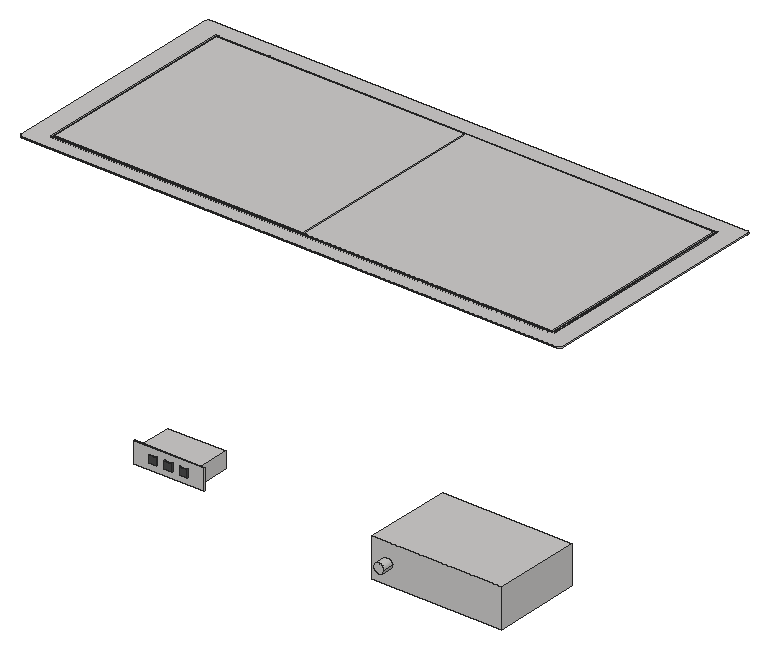
Revit family "QF_ELECTROLUXPROFESSIONAL_341017_D04H4", category Specialty Equipment, Revit 2018
Family settings
  Round Connector Dimension = Use Diameter
  Part Type = Normal
  Work Plane-Based = No
  Always vertical = Yes
  Cut with Voids When Loaded = No
  Shared = No
  Room Calculation Point = No
Parameters (values of type "341017.rfa")
  Weight = 0.00 kg
  Watts = 0 W
  Volts = 0 V
  URL Manufacturer = ""
  URL = ""
  Steam Supply Size = 0 mm
  Steam Supply Minimum Pressure = 0.0 Pa
  Steam Supply Maximum Pressure = 0.0 Pa
  Steam Pounds per Hour = 0
  Show Clearance [instance] = yes
  Remote Electrical Box_Z [instance] = 200.00 mm
  Remote Electrical Box_Y [instance] = 500.00 mm
  Remote Electrical Box_X [instance] = 1000.00 mm
  Refrigeration Suction Line Size = 0 mm
  Refrigeration Liquid Line Size = 0 mm
  Refrigerant Compressor Remote = yes
  Manufacturer = ""
  Phase = 0
  Model = ""
  Length Actual = 1420.00 mm  # constant formula
  Item Number = ""
  Hot Water Size = 0 mm
  Height Actual = 80.00 mm  # constant formula
  HP = "0 HP"
  Gas Size = 0 mm
  Gas KW = 0
  Gas Input Pressure = 0 W
  Direct Waste Size = 0 mm
  Description = ""
  Depth Actual = 620.00 mm  # constant formula
  Cycle = 0 Hz
  Controller_Y [instance] = 500.00 mm
  Controller_1Z [instance] = 200.00 mm
  Controller_1X [instance] = 300.00 mm
  Condensate Return Size = 0 mm
  Compressed Air Volume = 0.0 L/s
  Compressed Air Size = 0 mm
  Compressed Air Pressure = 0.0 Pa
  Cold Water Size = 0 mm
  Accessory = yes
Types (2, lengths in mm): name | Volts | URL Manufacturer | URL | Manufacturer | Phase | Model | Item Number | Description | Cycle
  341017.rfa | 0 V | "" | "" | "" | 0 | "" | "" | "" | 0 Hz
  Standard | 220 V | "http://professional.electrolux.com" | "http://professional.electrolux.com" | "Electrolux Professional" | 1 | "D04H4" | "341017" | "DROP-IN TEMPERED GLASS TOP, 4GN" | 60 Hz
Reference planes
  plane 1 "Centro (Fronte/Retro)": y = 74.737
  plane 2: z = 0
  plane 3 "BACK": y = 384.737
  plane 4 "FRONT": y = -235.263
  plane 5 "RIGHT": x = 195.731
  plane 6 "LEFT": x = -1224.269
  plane 7: x = -514.269
  plane 8 "TOP": z = 900
  plane 9: y = 345.957
  plane 10: y = -196.483
  plane 11: x = -1171.489
  plane 12: x = 142.951
  plane 13: z = 898
  plane 14: z = 822
  plane 15: z = 825
  plane 16: x = 136.731
  plane 17: x = -1165.269
  plane 18: y = 339.737
  plane 19: y = -190.263
  plane 20: x = -515.269
  plane 21: x = -513.269
  plane 22: x = -924.269
  plane 23: x = -224.269
  plane 24: y = -115.263
  plane 25: y = -115.263
  plane 26: z = 200
  plane 27: z = 200
Forms (mm)
  Extrusion 1, solid, material "QF_Finishes_Stainless Steel"
    sketch origin (0, 0, 900) x (-1, 0, 0) y (0, -1, 0)
      loop
        arc (1214.269, -384.737) -> (1221.34, -381.808) -> (1224.269, -374.737) r 10
        line (1224.269, -374.737) -> (1224.269, 225.263)
        arc (1224.269, 225.263) -> (1221.34, 232.334) -> (1214.269, 235.263) r 10
        line (1214.269, 235.263) -> (-185.731, 235.263)
        arc (-185.731, 235.263) -> (-192.802, 232.334) -> (-195.731, 225.263) r 10
        line (-195.731, 225.263) -> (-195.731, -374.737)
        arc (-195.731, -374.737) -> (-192.802, -381.808) -> (-185.731, -384.737) r 10
        line (-185.731, -384.737) -> (1214.269, -384.737)
      loop
        line (1171.489, -345.957) -> (1171.489, 196.483) -> (-142.951, 196.483) -> (-142.951, -345.957) -> (1171.489, -345.957)
    from 0 to -2
  Extrusion 2, solid, material "QF_Finishes_Stainless Steel"
    sketch origin (0, 0, 900) x (-1, 0, 0) y (0, -1, 0)
      loop
        line (1171.489, -345.957) -> (1171.489, 196.483) -> (-142.951, 196.483) -> (-142.951, -345.957) -> (1171.489, -345.957)
    from -2 to -78
  Sweep 3, void
    path origin (0, 0, 900) x (-1, 0, 0) y (0, -1, 0)
      loop
        line (1171.489, -345.957) -> (1171.489, 196.483) -> (-142.951, 196.483) -> (-142.951, -345.957) -> (1171.489, -345.957)
    profile origin (-514.269, 345.957, 900) x (0, 1, 0) y (0, 0, 1)
      loop
        line (0, -2) -> (-75, -78.22) -> (0, -78.22) -> (0, -2)
  Extrusion 4, solid, material "QF_Finishes_Stainless Steel"
    sketch origin (0, 0, 900) x (-1, 0, 0) y (0, -1, 0)
      loop
        line (1165.269, -339.737) -> (1165.269, 190.263) -> (515.269, 190.263) -> (515.269, -339.737) -> (1165.269, -339.737)
      loop
        line (513.269, -339.737) -> (513.269, 190.263) -> (-136.731, 190.263) -> (-136.731, -339.737) -> (513.269, -339.737)
    from -2 to 0
Cuts and joins
  Sweep 3 cuts Extrusion 2
Lines and regions (mm)
  symbolic lines
    curve 1: line (185.731, 384.737, 900) -> (-1214.269, 384.737, 900)
    curve 2: arc (-1214.269, 384.737, 900) -> (-1221.34, 381.808, 900) -> (-1224.269, 374.737, 900) r 10
    curve 3: line (-1224.269, 374.737, 900) -> (-1224.269, -225.263, 900)
    curve 4: arc (-1224.269, -225.263, 900) -> (-1221.34, -232.334, 900) -> (-1214.269, -235.263, 900) r 10
    curve 5: line (-1214.269, -235.263, 900) -> (185.731, -235.263, 900)
    curve 6: arc (185.731, -235.263, 900) -> (192.802, -232.334, 900) -> (195.731, -225.263, 900) r 10
    curve 7: line (195.731, -225.263, 900) -> (195.731, 374.737, 900)
    curve 8: arc (195.731, 374.737, 900) -> (192.802, 381.808, 900) -> (185.731, 384.737, 900) r 10
    curve 9: line (-1171.489, 345.957, 900) -> (142.951, 345.957, 900)
    curve 10: line (-1171.489, -196.483, 900) -> (-1171.489, 345.957, 900)
    curve 11: line (142.951, -196.483, 900) -> (-1171.489, -196.483, 900)
    curve 12: line (142.951, 345.957, 900) -> (142.951, -196.483, 900)
    curve 13: line (-1165.269, 339.737, 900) -> (-515.269, 339.737, 900)
    curve 14: line (-1165.269, -190.263, 900) -> (-1165.269, 339.737, 900)
    curve 15: line (-515.269, -190.263, 900) -> (-1165.269, -190.263, 900)
    curve 16: line (-515.269, 339.737, 900) -> (-515.269, -190.263, 900)
    curve 17: line (136.731, -190.263, 900) -> (136.731, 339.737, 900)
    curve 18: line (-513.269, -190.263, 900) -> (-513.269, 339.737, 900)
    curve 19: line (-513.269, 339.737, 900) -> (136.731, 339.737, 900)
    curve 20: line (136.731, -190.263, 900) -> (-513.269, -190.263, 900)
  symbolic lines, style "SpecialityEquipmentHiddenLines"
    curve 21: line (-1096.705, 271.174, 900) -> (68.168, 271.174, 900)
    curve 22: line (-1096.705, -121.699, 900) -> (-1096.705, 271.174, 900)
    curve 23: line (68.168, -121.699, 900) -> (-1096.705, -121.699, 900)
    curve 24: line (68.168, 271.174, 900) -> (68.168, -121.699, 900)
    curve 25: line (-1171.489, 345.957, 900) -> (-1096.705, 271.174, 900)
    curve 26: line (-1171.489, -196.483, 900) -> (-1096.705, -121.699, 900)
    curve 27: line (142.951, -196.483, 900) -> (68.168, -121.699, 900)
    curve 28: line (68.168, 271.174, 900) -> (142.951, 345.957, 900)
Dimensions and locks
  plane 6 "LEFT" to plane 5 "RIGHT" = 1420.00 mm
  equal spacing: plane 3 "BACK", plane 1 "Centro (Fronte/Retro)", plane 4 "FRONT"
  plane 3 "BACK" to plane 4 "FRONT" = 620.00 mm
  equal spacing: plane 6 "LEFT", plane 7, plane 5 "RIGHT"
  locked: plane 8 "TOP" to plane 2 at 900
  locked: plane 3 "BACK" to plane 9 at 38.78
  locked: plane 10 to plane 4 "FRONT" at 38.78
  plane 6 "LEFT" to plane 11 = 52.78 mm
  plane 12 to plane 5 "RIGHT" = 52.78 mm
  locked: plane 8 "TOP" to plane 13 at 2
  plane 8 "TOP" to plane 14 = 78.00 mm
  locked: plane 15 to plane 14 at 3
  locked: plane 11 to plane 17 at 6.22
  locked: plane 16 to plane 12 at 6.22
  locked: plane 9 to plane 18 at 6.22
  locked: plane 19 to plane 10 at 6.22
  plane 17 to plane 20 to plane 21 to plane 16 = 650.00 mm, 2.00 mm, 650.00 mm
  plane 17 to plane 16 = 1302.00 mm
  plane 6 "LEFT" to plane 17 = 59.00 mm
  plane 3 "BACK" to plane 18 = 45.00 mm
  plane 18 to plane 19 = 530.00 mm
  plane 16 to plane 5 "RIGHT" = 59.00 mm
  "Controller_Y": plane 3 "BACK" to plane 25
  "Remote Electrical Box_Y": plane 3 "BACK" to plane 24
  "Controller_1X": plane 6 "LEFT" to plane 22
  "Remote Electrical Box_X": plane 6 "LEFT" to plane 23
  "Controller_1Z": plane 26 to plane 2
  "Remote Electrical Box_Z": plane 27 to plane 2
  aligned and locked: level to plane 2
  aligned and locked: Extrusion 1 sketch curve to plane 3 "BACK"
  aligned and locked: plane 6 "LEFT" to Extrusion 1 sketch curve
  aligned and locked: plane 4 "FRONT" to Extrusion 1 sketch curve
  aligned and locked: Extrusion 1 sketch curve to plane 5 "RIGHT"
  aligned and locked: Extrusion 1 sketch curve to plane 9
  aligned and locked: plane 11 to Extrusion 1 sketch curve
  aligned and locked: Extrusion 1 sketch curve to plane 10
  aligned and locked: Extrusion 1 sketch curve to plane 12
  aligned and locked: Extrusion 1 to plane 13
  aligned and locked: Extrusion 2 to plane 14
  aligned and locked: Extrusion 2 to Extrusion 1
  aligned and locked: plane 11 to Extrusion 2 sketch curve
  aligned and locked: Extrusion 2 sketch curve to plane 9
  aligned and locked: Extrusion 2 sketch curve to plane 12
  aligned and locked: Extrusion 2 sketch curve to plane 10
  aligned and locked: Sweep 3 sketch curve to Extrusion 1  (x4)
  aligned and locked: Extrusion 4 sketch curve to plane 18
  aligned and locked: plane 17 to Extrusion 4 sketch curve
  aligned and locked: plane 19 to Extrusion 4 sketch curve
  aligned and locked: Extrusion 1 to Extrusion 4
  aligned and locked: plane 8 "TOP" to Extrusion 4
  aligned and locked: Extrusion 4 sketch curve to plane 20
  aligned and locked: plane 25 to nested 2
  aligned and locked: plane 24 to nested 3
  aligned and locked: nested 3 to plane 23
  aligned and locked: nested 2 to plane 22
  aligned and locked: plane 27 to nested 3
  aligned and locked: nested 2 to plane 26
Automatic sketch dimensions
  Extrusion 1 sketch curve to plane 5 "RIGHT" = 10.00 mm
  Extrusion 1 sketch curve to plane 3 "BACK" = 10.00 mm  (x2)
  Extrusion 1 sketch curve to Extrusion 1 sketch curve = 10.00 mm
  Sweep 3 sketch curve to profile plane = 0.00 mm
  profile plane to Sweep 3 sketch curve = 75.00 mm
  Sweep 3 sketch curve to plane 8 "TOP" = 78.22 mm
  Sweep 3 sketch curve to plane 8 "TOP" = 2.00 mm
  Extrusion 4 sketch curve to plane 16 = 0.00 mm
  Extrusion 4 sketch curve to plane 19 = 0.00 mm
  Extrusion 4 sketch curve to plane 21 = 0.00 mm
  Extrusion 4 sketch curve to plane 18 = 0.00 mm
  curve 7 to plane 5 "RIGHT" = 0.00 mm
  curve 8 to plane 3 "BACK" = 0.00 mm
  curve 5 to plane 4 "FRONT" = 0.00 mm
  plane 9 to curve 12 = 0.00 mm
  curve 12 to plane 12 = 0.00 mm
  curve 20 to plane 16 = 0.00 mm
  curve 20 to plane 19 = 0.00 mm
  curve 20 to plane 21 = 0.00 mm
  curve 16 to plane 18 = 0.00 mm
  curve 16 to plane 20 = 0.00 mm
  curve 14 to plane 17 = 0.00 mm
  curve 10 to plane 10 = 0.00 mm
  curve 10 to plane 11 = 0.00 mm
  curve 4 to plane 6 "LEFT" = 0.00 mm
  curve 18 to plane 18 = 0.00 mm
  curve 15 to plane 19 = 0.00 mm
  curve 6 to curve 6 = 10.00 mm
  curve 8 to plane 3 "BACK" = 10.00 mm
  curve 24 to plane 16 = 68.564 mm
  plane 17 to curve 21 = 68.564 mm
  curve 2 to curve 2 = 10.00 mm
  plane 4 "FRONT" to curve 4 = 10.00 mm
  curve 22 to plane 18 = 68.564 mm
  plane 19 to curve 22 = 68.564 mm
Nested families
  nested 1: "Sun" at (15.731, -45.263, 900), type "Sun"
  nested 2: "Controller" at (-924.269, -115.263, 200), type "Controller"
  nested 3: "Remote_Electrical_Box" at (-224.269, -0.263, 100), type "Remote_Electrical_Box"
Connectors
  electrical at (-354.269, -142.263, 149.381)
    settings: on nested 3, index 1, voltage 0 V, apparent load 0 VA, apparent load phase1 0 VA, apparent load phase2 0 VA, apparent load phase3 0 VA, power factor 1, load classification "Altro", number of poles 1, system type 14, power factor state 1, is connector primary yes, connector utility no, sub classification motor no, connector description ""
Definition of nested family "Controller"
  Reference planes
    plane 1 "Center (Front/Back)": y = 0
    plane 2: z = 0
    plane 3 "Center (Left/Right)": x = 0
  Forms (mm)
    Extrusion 1, solid
      sketch origin (0, 44.769, -48.2) x (1, 0, 0) y (0, 1, 0)
        loop
          line (-76, 43.231) -> (-76, -47.65) -> (76, -47.65) -> (76, 43.231) -> (-76, 43.231)
      from 6.2 to 48.2
    Extrusion 2, solid
      sketch origin (0, 44.769, -48.2) x (1, 0, 0) y (0, 0, 1)
        loop
          line (-92.25, 54.4) -> (-92.25, 0) -> (92.25, 0) -> (92.25, 54.4) -> (-92.25, 54.4)
        loop
          line (-76, 48.2) -> (-76, 6.2) -> (76, 6.2) -> (76, 48.2) -> (-76, 48.2)
      from 44.769 to 47.65
    Extrusion 3, solid
      sketch origin (76, -2.881, -48.2) x (-1, 0, 0) y (0, 0, -1)
        loop
          line (106, -37.2) -> (126, -37.2) -> (126, -17.2) -> (106, -17.2) -> (106, -37.2)
        loop
          line (66, -37.2) -> (86, -37.2) -> (86, -17.2) -> (66, -17.2) -> (66, -37.2)
        loop
          line (26, -37.2) -> (46, -37.2) -> (46, -17.2) -> (26, -17.2) -> (26, -37.2)
      from 0 to 2
    Extrusion 4, void
      sketch origin (0, 0, 0) x (1, 0, 0) y (0, 1, 0)
        loop
          line (76, 88) -> (-76, 88) -> (-76, 0) -> (76, 0) -> (76, 88)
      from 0 to -42
  Cuts and joins
    Extrusion 4 cuts Extrusion 2
    joined: Extrusion 1, Extrusion 2
  Lines and regions (mm)
    symbolic lines
      curve 1: line (-76, 88, 0) -> (-76, 0, 0)
      curve 2: line (76, 88, 0) -> (-76, 88, 0)
      curve 3: line (76, 0, 0) -> (76, 88, 0)
      curve 4: line (-92.25, -2.881, 0) -> (92.25, -2.881, 0)
      curve 5: line (-92.25, 0, 0) -> (-92.25, -2.881, 0)
      curve 6: line (92.25, 0, 0) -> (-92.25, 0, 0)
      curve 7: line (92.25, -2.881, 0) -> (92.25, 0, 0)
  Dimensions and locks
    aligned and locked: level to plane 2
Definition of nested family "Remote_Electrical_Box"
  Parameters (values of type "Remote_Electrical_Box")
    Default Elevation = 1219.20 mm
  Reference planes
    plane 1 "Center (Front/Back)": y = 0
    plane 2: z = 0
    plane 3 "Center (Left/Right)": x = 0
    plane 4: x = -170
    plane 5: x = 170
    plane 6: y = 115
    plane 7: y = -115
    plane 8: z = 100
    plane 9: z = 50
  Forms (mm)
    Extrusion 1, solid
      sketch origin (0, 0, 0) x (1, 0, 0) y (0, 1, 0)
        loop
          line (-170, 115) -> (-170, -115) -> (170, -115) -> (170, 115) -> (-170, 115)
      from 0 to 100
    Extrusion 2, solid
      sketch origin (0, 0, 0) x (1, 0, 0) y (0, 0, 1)
        loop
          circle (-130, 49.381) r 13
      from 115 to 142
  Lines and regions (mm)
    symbolic lines
      curve 1: line (-170, 115, 0) -> (170, 115, 0)
      curve 2: line (-170, -115, 0) -> (-170, 115, 0)
      curve 3: line (170, -115, 0) -> (-170, -115, 0)
      curve 4: line (170, 115, 0) -> (170, -115, 0)
      curve 5: line (-143, -142, 0) -> (-117, -142, 0)
      curve 6: line (-143, -142, 0) -> (-143, -115, 0)
      curve 7: line (-117, -142, 0) -> (-117, -115, 0)
  Dimensions and locks
    equal spacing: plane 4, plane 3 "Center (Left/Right)", plane 5
    equal spacing: plane 6, plane 1 "Center (Front/Back)", plane 7
    plane 4 to plane 5 = 340.00 mm
    plane 6 to plane 7 = 230.00 mm
    Extrusion 1 to Extrusion 2 sketch curve = 40.00 mm
    equal spacing: plane 8, plane 9, plane 2
    aligned and locked: level to plane 2
    aligned and locked: Extrusion 1 sketch curve to plane 6
    aligned and locked: plane 4 to Extrusion 1 sketch curve
    aligned and locked: plane 7 to Extrusion 1 sketch curve
    aligned and locked: Extrusion 1 sketch curve to plane 5
    aligned and locked: plane 7 to Extrusion 2
    aligned and locked: plane 8 to Extrusion 1
  Automatic sketch dimensions
    level to Extrusion 2 sketch curve = 49.381 mm
    curve 3 to plane 4 = 0.00 mm
    curve 7 to plane 7 = 0.00 mm
    curve 3 to plane 5 = 0.00 mm
    curve 2 to plane 6 = 0.00 mm
    plane 4 to curve 6 = 27.00 mm
    curve 5 to curve 6 = 27.00 mm
    curve 6 to curve 7 = 26.00 mm
    radius of Extrusion 2 sketch curve = 13.00 mm
Definition of nested family "Sun"
  Reference planes
    plane 1 "Center (Front/Back)": y = 0
    plane 2: z = 0
    plane 3 "Center (Left/Right)": x = 0
  Lines and regions (mm)
    detail lines, in view "Ref. Level"
      curve 1: circle (0, 0, 0) r 35 normal (0, 0, 1)
      curve 2: line (-18, 31.177, 0) -> (-30, 51.962, 0)
      curve 3: line (0, 36, 0) -> (0, 60, 0)
      curve 4: line (18, 31.177, 0) -> (30, 51.962, 0)
      curve 5: line (31.177, 18, 0) -> (51.962, 30, 0)
      curve 6: line (36, 0, 0) -> (60, 0, 0)
      curve 7: line (31.177, -18, 0) -> (51.962, -30, 0)
      curve 8: line (18, -31.177, 0) -> (30, -51.962, 0)
      curve 9: line (0, -36, 0) -> (0, -60, 0)
      curve 10: line (-18, -31.177, 0) -> (-30, -51.962, 0)
      curve 11: line (-31.177, -18, 0) -> (-51.962, -30, 0)
      curve 12: line (-36, 0, 0) -> (-60, 0, 0)
      curve 13: line (-31.177, 18, 0) -> (-51.962, 30, 0)
